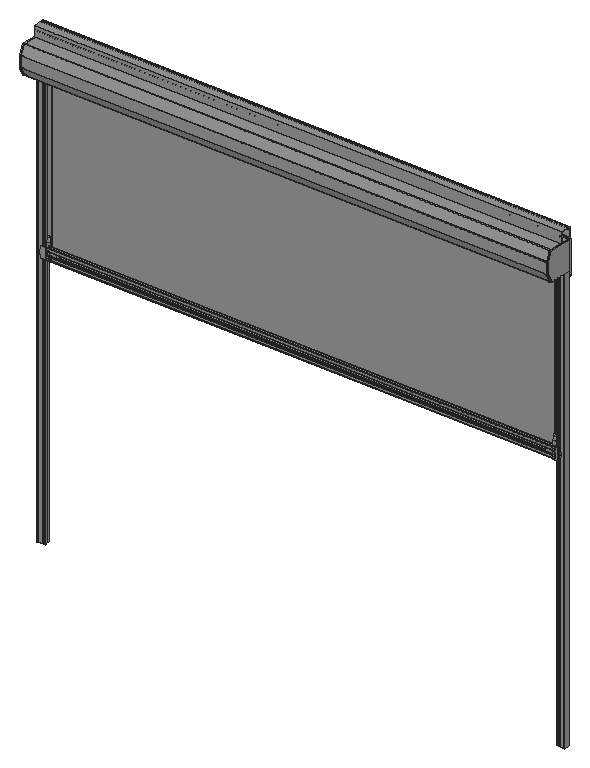
Revit family "MESH BLIND)UPDATED)))", category Generic Models, Revit 2018
Family settings
  Can host rebar = No
  Round Connector Dimension = Use Diameter
  Part Type = Normal
  Work Plane-Based = No
  Always vertical = Yes
  Cut with Voids When Loaded = No
  Shared = No
  Room Calculation Point = No
Parameters
  ZIP TRACK CHANNEL PARTS [instance] = ZIP TRACK CHANNEL
  ZIP TRACK BOTTOMN RUBBER [instance] = BLACK RUBBER
  WIDTH INPUT [instance] = if(WIDTH < 250 mm, 250 mm, if(WIDTH > 7000 mm, 7000 mm, WIDTH))  # 2500 mm
  WIDTH [instance] = 2500 mm
  Visable Conduit [instance] = yes
  OVERALL HEIGHT [instance] = 2200 mm
  MESH SIDES [instance] = MESH SIDES
  FRAMING [instance] = steel material
  MESH [instance] = mesh
  HEIGHT INPUT [instance] = if(OVERALL HEIGHT < 245 mm, 245 mm, if(OVERALL HEIGHT > 3000 mm, 3000 mm, OVERALL HEIGHT))  # 2200 mm
  HEIGHT NOT INCLUDING CONDUIT [instance] = OVERALL HEIGHT - CONDUIT SIZE  # 2150 mm
  MESH BLIND OFFSET INPUT [instance] = if(OVERALL HEIGHT - 185 mm < 60.3 mm, 60.3 mm, if(MESH BLIND OFFSET > HEIGHT INPUT - 185 mm, HEIGHT INPUT - 185 mm, MESH BLIND OFFSET + 51.9 mm))  # 801.9 mm
  MESH BLIND OFFSET [instance] = 750 mm
  CONDUIT SIZE [instance] = 50 mm  # constant formula
Reference planes
  plane 1 "Center (Front/Back)": y = 0
  plane 2: z = 0
  plane 3 "Center (Left/Right)": x = 0
  plane 4: x = 1250
  plane 5: z = 1213.43
  plane 6: x = -1250
  plane 7: z = 1265.336
  plane 8: z = 2200
  plane 9: z = 2149.8
  plane 10: x = 1205.831
  plane 11: x = -1205.831
  plane 12: z = 2015.33
  plane 13: z = 1239.383
  plane 14: z = 2117.081
  plane 15: x = -1247
  plane 16: x = 1247
Forms (mm)
  Extrusion 1, solid, material "steel material" <- "FRAMING"
    sketch origin (-1000, 20, -200) x (0, 1, 0) y (0, 0, 1)
      loop
        line (-113.57, 2308.098) -> (-93.517, 2347.454)
        arc (-93.517, 2347.454) -> (-93.148, 2347.853) -> (-92.626, 2348) r 1
        line (-92.626, 2348) -> (18.2, 2348) -> (18.2, 2199.689) -> (20.428, 2190.753)
        arc (20.428, 2190.753) -> (21.519, 2190.097) -> (22.175, 2191.188) r 0.9
        line (22.175, 2191.188) -> (20, 2199.911) -> (20, 2349.8) -> (-91.549, 2349.8)
        arc (-91.549, 2349.8) -> (-93.7, 2349.801) -> (-95.299, 2348.362) r 3
        line (-95.299, 2348.362) -> (-115.243, 2309.219)
        arc (-115.243, 2309.219) -> (-115.487, 2308.558) -> (-115.57, 2307.857) r 3
        line (-115.57, 2307.857) -> (-115.57, 2256.856)
        arc (-115.57, 2256.856) -> (-115.487, 2256.156) -> (-115.243, 2255.494) r 3
        line (-115.243, 2255.494) -> (-95.613, 2216.968)
        arc (-95.613, 2216.968) -> (-94.507, 2215.772) -> (-92.94, 2215.33) r 3
        line (-92.94, 2215.33) -> (-36.4, 2215.33) -> (-36.4, 2217.33) -> (-92.94, 2217.33)
        arc (-92.94, 2217.33) -> (-93.462, 2217.477) -> (-93.831, 2217.876) r 1
        line (-93.831, 2217.876) -> (-113.57, 2256.616) -> (-113.57, 2308.098)
    from -247 to 2250
  Extrusion 2, solid, material "steel material" <- "FRAMING"
    sketch origin (926, 26.875, -200) x (0, -1, 0) y (0, 0, 1)
      loop
        line (-9.376, 1427.405) -> (-9.376, 1425.12)
        arc (-9.376, 1425.12) -> (-9.45, 1424.086) -> (-10.01, 1423.213) r 2.102
        arc (-10.01, 1423.213) -> (-10.879, 1421.918) -> (-11.437, 1420.462) r 6.952
        line (-11.437, 1420.462) -> (-11.437, 1415.068)
        arc (-11.437, 1415.068) -> (-10.997, 1414.01) -> (-10.009, 1413.43) r 1.805
        line (-10.009, 1413.43) -> (5.326, 1413.43)
        arc (5.326, 1413.43) -> (6.121, 1414.24) -> (5.707, 1415.297) r 1.044
        arc (5.707, 1415.297) -> (6.384, 1420.401) -> (7.812, 1415.455) r 2.63
        arc (7.812, 1415.455) -> (7.261, 1414.357) -> (8.067, 1413.43) r 1.103
        line (8.067, 1413.43) -> (22.992, 1413.43)
        arc (22.992, 1413.43) -> (24.244, 1414.325) -> (24.604, 1415.821) r 2.201
        arc (24.604, 1415.821) -> (24.11, 1422.032) -> (22.498, 1428.05) r 34.206
        arc (22.498, 1428.05) -> (22.26, 1429.88) -> (20.461, 1430.286) r 1.611
        arc (20.461, 1430.286) -> (17.461, 1429.848) -> (14.439, 1429.601) r 47.974
        line (14.439, 1429.601) -> (13.36, 1429.601) -> (6.214, 1429.601)
        spline (6.214, 1429.601) -> (5.496, 1429.679) -> (4.789, 1429.912) -> (4.105, 1430.296) -> (3.456, 1430.824) -> (2.85, 1431.489) -> (2.299, 1432.279) -> (1.81, 1433.182) -> (1.392, 1434.183) -> (1.052, 1435.267) -> (0.794, 1436.416) -> (0.624, 1437.611) -> (0.543, 1438.833)
        arc (0.543, 1438.833) -> (0.377, 1439.366) -> (0.547, 1439.898) r 0.929
        spline (0.547, 1439.898) -> (0.635, 1441.111) -> (0.812, 1442.295) -> (1.074, 1443.431) -> (1.417, 1444.503) -> (1.837, 1445.492) -> (2.325, 1446.384) -> (2.876, 1447.164) -> (3.479, 1447.819) -> (4.126, 1448.34) -> (4.805, 1448.718) -> (5.507, 1448.948) -> (6.22, 1449.024)
        line (6.22, 1449.024) -> (11.648, 1449.024) -> (13.36, 1449.024)
        arc (13.36, 1449.024) -> (17.109, 1448.796) -> (20.826, 1448.256) r 44.965
        arc (20.826, 1448.256) -> (22.421, 1448.948) -> (22.688, 1450.666) r 1.802
        arc (22.688, 1450.666) -> (24.098, 1456.691) -> (24.548, 1462.863) r 39.393
        arc (24.548, 1462.863) -> (24.057, 1464.446) -> (22.659, 1465.336) r 2.407
        line (22.659, 1465.336) -> (8.067, 1465.336)
        arc (8.067, 1465.336) -> (7.268, 1464.191) -> (7.812, 1462.905) r 1.443
        arc (7.812, 1462.905) -> (6.384, 1457.959) -> (5.707, 1463.063) r 2.63
        arc (5.707, 1463.063) -> (6.103, 1464.298) -> (5.326, 1465.336) r 1.414
        line (5.326, 1465.336) -> (-9.591, 1465.336)
        arc (-9.591, 1465.336) -> (-10.846, 1464.7) -> (-11.437, 1463.422) r 2.145
        line (-11.437, 1463.422) -> (-11.437, 1457.888)
        arc (-11.437, 1457.888) -> (-10.918, 1456.709) -> (-10.167, 1455.662) r 6.196
        arc (-10.167, 1455.662) -> (-9.578, 1454.758) -> (-9.376, 1453.697) r 2.792
        line (-9.376, 1453.697) -> (-9.376, 1451.259) -> (-9.085, 1450.459) -> (-9.376, 1449.024) -> (-9.376, 1429.601) -> (-9.102, 1428.286) -> (-9.376, 1427.405)
    from -279.831 to 2131.831
  Extrusion 3, solid, material "steel material" <- "FRAMING"
    sketch origin (994, 0, 0) x (1, 0, 0) y (0, 1, 0)
      loop
        line (-2214, 32.5) -> (-2244, 32.5) -> (-2244, 7.5) -> (-2214, 7.5) -> (-2214, 9.25) -> (-2206.5, 9.25) -> (-2208.5, 19) -> (-2209.521, 19) -> (-2207.726, 10.25) -> (-2218.5, 10.25) -> (-2218.5, 29.75) -> (-2207.726, 29.75) -> (-2209.521, 21) -> (-2208.5, 21) -> (-2206.5, 30.75) -> (-2214, 30.75) -> (-2214, 32.5)
      loop
        line (-2236.5, 12) -> (-2236.5, 28) -> (-2238, 28) -> (-2238, 31) -> (-2242.5, 31) -> (-2242.5, 9) -> (-2238, 9) -> (-2238, 12) -> (-2236.5, 12)
      loop
        line (-2219.5, 29.75) -> (-2235.5, 29.75) -> (-2235.5, 10.25) -> (-2219.5, 10.25) -> (-2219.5, 29.75)
    from 0 to 2015.33
  Extrusion 4, solid, material "mesh" <- "MESH"
    sketch origin (0, -19.625, 14) x (1, 0, 0) y (0, 0, 1)
      loop
        line (-1190.068, 2103.081) -> (-1190.068, 1251.336) -> (1190.068, 1251.336) -> (1190.068, 2103.081) -> (-1190.068, 2103.081)
    from -40.305 to -39.405
  Extrusion 5, solid, material "MESH SIDES" <- "MESH SIDES"
    sketch origin (-3020, -19.625, 14) x (1, 0, 0) y (0, 0, 1)
      loop
        line (1800, 2103.081) -> (1800, 1251.336) -> (1829.932, 1251.336) -> (1829.932, 2103.081) -> (1800, 2103.081)
    from -40.305 to -39.405
  Extrusion 6, solid, material "steel material" <- "FRAMING", visible <- "Visable Conduit"
    sketch origin (0, 0, 0) x (0, 1, 0) y (0, 0, 1)
      loop
        arc (33.617, 2194.448) -> (34.118, 2194.303) -> (34.64, 2194.3) r 1.901
        arc (34.64, 2194.3) -> (35.135, 2194.729) -> (34.781, 2195.28) r 0.5
        arc (34.781, 2195.28) -> (34.462, 2195.501) -> (34.34, 2195.869) r 0.614
        line (34.34, 2195.869) -> (34.34, 2198.4) -> (35.594, 2198.4) -> (35.856, 2197.376)
        arc (35.856, 2197.376) -> (36.402, 2197.004) -> (36.84, 2197.5) r 0.5
        line (36.84, 2197.5) -> (36.84, 2200) -> (-13.16, 2200) -> (-13.16, 2150) -> (33.012, 2150) -> (34.44, 2151) -> (34.44, 2152.2)
        arc (34.44, 2152.2) -> (34.964, 2152.153) -> (35.24, 2152.6) r 0.5
        line (35.24, 2152.6) -> (35.24, 2154.988) -> (33.476, 2156.223)
        arc (33.476, 2156.223) -> (33.082, 2156.302) -> (32.759, 2156.064) r 0.498
        line (32.759, 2156.064) -> (32.345, 2155.348) -> (32.345, 2154.519)
        arc (32.345, 2154.519) -> (31.32, 2151.975) -> (30.295, 2154.519) r 1.479
        line (30.295, 2154.519) -> (30.295, 2155.3)
        arc (30.295, 2155.3) -> (29.939, 2155.848) -> (29.293, 2155.745) r 0.6
        arc (29.293, 2155.745) -> (28.305, 2153.738) -> (28.967, 2151.6) r 3.025
        line (28.967, 2151.6) -> (-10.56, 2151.6)
        arc (-10.56, 2151.6) -> (-11.267, 2151.893) -> (-11.56, 2152.6) r 1
        line (-11.56, 2152.6) -> (-11.56, 2176.646)
        arc (-11.56, 2176.646) -> (-9.665, 2175.975) -> (-7.768, 2176.64) r 3.025
        arc (-7.768, 2176.64) -> (-7.652, 2177.694) -> (-8.706, 2177.81) r 0.75
        arc (-8.706, 2177.81) -> (-11.185, 2179) -> (-8.706, 2180.19) r 1.525
        arc (-8.706, 2180.19) -> (-7.652, 2180.306) -> (-7.768, 2181.36) r 0.75
        arc (-7.768, 2181.36) -> (-9.665, 2182.025) -> (-11.56, 2181.354) r 3.025
        line (-11.56, 2181.354) -> (-11.56, 2197.4)
        arc (-11.56, 2197.4) -> (-11.267, 2198.107) -> (-10.56, 2198.4) r 1
        line (-10.56, 2198.4) -> (33.14, 2198.4) -> (33.14, 2195.3)
        arc (33.14, 2195.3) -> (33.267, 2194.812) -> (33.617, 2194.448) r 1
    from -1247 to 1250
  Extrusion 7, solid, material "steel material" <- "FRAMING", visible <- "Visable Conduit"
    sketch origin (0, 0, 0) x (0, 1, 0) y (0, 0, 1)
      loop
        spline (36.75, 2196.514) -> (36.736, 2196.652) -> (36.675, 2196.728) -> (36.575, 2196.755) -> (36.445, 2196.746) -> (36.294, 2196.716) -> (36.129, 2196.676) -> (35.961, 2196.641) -> (35.796, 2196.625) -> (35.644, 2196.64) -> (35.514, 2196.699) -> (35.413, 2196.817) -> (35.35, 2197.007)
        line (35.35, 2197.007) -> (35.35, 2197.8)
        arc (35.35, 2197.8) -> (34.85, 2198.3) -> (34.35, 2197.8) r 0.5
        line (34.35, 2197.8) -> (34.35, 2195.9)
        spline (34.35, 2195.9) -> (34.38, 2195.74) -> (34.438, 2195.634) -> (34.519, 2195.571) -> (34.617, 2195.54) -> (34.727, 2195.529) -> (34.843, 2195.528) -> (34.959, 2195.526) -> (35.07, 2195.51) -> (35.171, 2195.471) -> (35.254, 2195.397) -> (35.316, 2195.277) -> (35.35, 2195.1)
        line (35.35, 2195.1) -> (35.35, 2193.8) -> (35.15, 2192.934) -> (35.15, 2157.212) -> (34.05, 2157.512) -> (30.125, 2157.512)
        arc (30.125, 2157.512) -> (29.826, 2157.294) -> (29.945, 2156.943) r 0.313
        line (29.945, 2156.943) -> (31.958, 2155.527) -> (32.544, 2156.364) -> (35.411, 2156.364) -> (35.411, 2151.743) -> (34.618, 2151.743) -> (34.551, 2150) -> (36.75, 2150) -> (36.75, 2196.514)
    from -1250 to 1250
  Extrusion 8, solid, material "steel material" <- "FRAMING"
    sketch origin (-994, 0, 0) x (-1, 0, 0) y (0, -1, 0)
      loop
        line (-2214, -32.5) -> (-2214, -30.75) -> (-2206.5, -30.75) -> (-2208.5, -21) -> (-2209.521, -21) -> (-2207.726, -29.75) -> (-2218.5, -29.75) -> (-2218.5, -10.25) -> (-2207.726, -10.25) -> (-2209.521, -19) -> (-2208.5, -19) -> (-2206.5, -9.25) -> (-2214, -9.25) -> (-2214, -7.5) -> (-2244, -7.5) -> (-2244, -32.5) -> (-2214, -32.5)
      loop
        line (-2236.5, -12) -> (-2238, -12) -> (-2238, -9) -> (-2242.5, -9) -> (-2242.5, -31) -> (-2238, -31) -> (-2238, -28) -> (-2236.5, -28) -> (-2236.5, -12)
      loop
        line (-2219.5, -29.75) -> (-2219.5, -10.25) -> (-2235.5, -10.25) -> (-2235.5, -29.75) -> (-2219.5, -29.75)
    from 0 to 2015.33
  Extrusion 9, solid, material "MESH SIDES" <- "MESH SIDES"
    sketch origin (3020, -19.625, 14) x (-1, 0, 0) y (0, 0, -1)
      loop
        line (1800, -2103.081) -> (1829.932, -2103.081) -> (1829.932, -1251.336) -> (1800, -1251.336) -> (1800, -2103.081)
    from -40.305 to -39.405
  Extrusion 10, solid, material "BLACK RUBBER" <- "ZIP TRACK BOTTOMN RUBBER"
    sketch origin (0, 22.833, 1213.43) x (0, -1, 0) y (0, 0, -1)
      loop
        spline (3.61, 0.008) -> (4.726, 0.996) -> (5.446, 2.748) -> (5.607, 4.867) -> (5.172, 6.871) -> (4.24, 8.307) -> (3.023, 8.849) -> (1.795, 8.373) -> (0.837, 6.988) -> (0.365, 5.008) -> (0.486, 2.882) -> (1.173, 1.092) -> (2.27, 0.044)
        arc (2.27, 0.044) -> (2.795, -1.104) -> (2.216, -2.227) r 1.444
        arc (2.216, -2.227) -> (2.7, -6.655) -> (3.701, -2.315) r 2.259
        arc (3.701, -2.315) -> (3.106, -1.175) -> (3.61, 0.008) r 1.503
      loop
        arc (2.124, -2.045) -> (2.694, -6.855) -> (3.803, -2.14) r 2.459
        arc (3.803, -2.14) -> (3.306, -1.171) -> (3.72, -0.163) r 1.303
        spline (3.72, -0.163) -> (4.912, 0.916) -> (5.649, 2.739) -> (5.805, 4.91) -> (5.351, 6.964) -> (4.368, 8.462) -> (3.023, 9.049) -> (1.666, 8.526) -> (0.656, 7.073) -> (0.167, 5.041) -> (0.285, 2.864) -> (0.991, 1.008) -> (2.16, -0.125)
        arc (2.16, -0.125) -> (2.595, -1.094) -> (2.124, -2.045) r 1.244
    from -1205.831 to 1205.831
  Extrusion 11, solid, material "steel material" <- "FRAMING"
    sketch origin (-1094, 20, -200) x (0, -1, 0) y (0, 0, 1)
      loop
        line (91.549, 2349.8) -> (-20, 2349.8) -> (-20, 2215.33) -> (92.94, 2215.33)
        arc (92.94, 2215.33) -> (94.507, 2215.772) -> (95.613, 2216.968) r 3
        line (95.613, 2216.968) -> (115.243, 2255.494)
        arc (115.243, 2255.494) -> (115.487, 2256.156) -> (115.57, 2256.856) r 3
        line (115.57, 2256.856) -> (115.57, 2307.857)
        arc (115.57, 2307.857) -> (115.487, 2308.558) -> (115.243, 2309.219) r 3
        line (115.243, 2309.219) -> (95.299, 2348.362)
        arc (95.299, 2348.362) -> (93.7, 2349.801) -> (91.549, 2349.8) r 3
    from 156 to 153
  Extrusion 12, solid, material "steel material" <- "FRAMING"
    sketch origin (1094, 20, -200) x (0, -1, 0) y (0, 0, -1)
      loop
        arc (91.549, -2349.8) -> (93.7, -2349.801) -> (95.299, -2348.362) r 3
        line (95.299, -2348.362) -> (115.243, -2309.219)
        arc (115.243, -2309.219) -> (115.487, -2308.558) -> (115.57, -2307.857) r 3
        line (115.57, -2307.857) -> (115.57, -2256.856)
        arc (115.57, -2256.856) -> (115.487, -2256.156) -> (115.243, -2255.494) r 3
        line (115.243, -2255.494) -> (95.613, -2216.968)
        arc (95.613, -2216.968) -> (94.507, -2215.772) -> (92.94, -2215.33) r 3
        line (92.94, -2215.33) -> (-20, -2215.33) -> (-20, -2349.8) -> (91.549, -2349.8)
    from 156 to 153
Lines and regions (mm)
  reference lines
    curve 1: line (0, 22.833, 1213.43) -> (0, 17.206, 1213.43)
Dimensions and locks
  locked: plane 7 to plane 5 at 51.906
  locked: plane 8 to plane 9 at 50.2
  "HEIGHT INPUT": plane 8 to level
  locked: plane 6 to plane 11 at 44.169
  locked: plane 10 to plane 4 at 44.169
  equal spacing: plane 10, plane 3 "Center (Left/Right)", plane 11
  plane 11 to plane 6 = 44.169 mm
  plane 10 to plane 4 = 44.169 mm
  locked: plane 9 to plane 12 at 134.47
  equal spacing: plane 7, plane 13, plane 5
  locked: plane 9 to plane 14 at 32.719
  Extrusion 1 to plane 2 = 2015.33 mm
  plane 8 to plane 9 = 50.2 mm
  plane 8 to plane 12 = 184.67 mm
  "MESH BLIND OFFSET INPUT": plane 12 to plane 5
  locked: plane 15 to plane 6 at 3
  locked: plane 16 to plane 4 at 3
  "WIDTH INPUT": plane 4 to plane 6
  aligned and locked: level to plane 2
  aligned and locked: Extrusion 1 to plane 4
  aligned and locked: Extrusion 6 to plane 4
  aligned and locked: Extrusion 7 to plane 4
  aligned and locked: Extrusion 5 to plane 7  (x2)
  aligned and locked: Extrusion 4 to plane 7
  aligned and locked: Extrusion 9 to plane 7  (x2)
  aligned and locked: plane 10 to nested 3  (x2)
  aligned and locked: plane 11 to nested 1
  aligned and locked: Extrusion 2 to plane 11
  aligned and locked: nested 2 to plane 11
  aligned and locked: Extrusion 2 to plane 10
  aligned and locked: plane 14 to Extrusion 4
  aligned and locked: plane 14 to Extrusion 5
  aligned and locked: plane 14 to Extrusion 9
  aligned and locked: plane 12 to Extrusion 3
  aligned and locked: plane 12 to Extrusion 8
  aligned and locked: nested 1 to plane 13
  aligned and locked: plane 13 to nested 3
  aligned and locked: nested 2 to plane 7
  aligned and locked: plane 7 to nested 4
  aligned and locked: plane 10 to nested 4
  aligned and locked: Extrusion 2 to Extrusion 10
  aligned and locked: Extrusion 10 to Extrusion 2
  aligned and locked: curve 1 to plane 5
  aligned and locked: plane 15 to Extrusion 11
  aligned and locked: Extrusion 1 to plane 15
  aligned and locked: Extrusion 12 to plane 16
  aligned and locked: Extrusion 6 to plane 15
  aligned and locked: Extrusion 7 to plane 6
  aligned and locked: Extrusion 11 to plane 6
  aligned and locked: Extrusion 12 to plane 4
  aligned and locked: Extrusion 4 to Extrusion 9
Automatic sketch dimensions
  Extrusion 1 sketch curve to Extrusion 1 sketch curve = 0 mm  (x4)
  Extrusion 1 sketch curve to plane 12 = 0 mm
  Extrusion 1 sketch curve to plane 9 = 0 mm
  Extrusion 1 sketch curve to plane 14 = 9.223 mm
  plane 1 "Center (Front/Back)" to Extrusion 1 sketch curve = 95.57 mm
  Extrusion 1 sketch curve to plane 14 = 7.861 mm
  Extrusion 1 sketch curve to Extrusion 1 sketch curve = 0.327 mm  (x2)
  plane 12 to Extrusion 1 sketch curve = 40.164 mm
  Extrusion 1 sketch curve to Extrusion 1 sketch curve = 1.673 mm
  Extrusion 1 sketch curve to Extrusion 1 sketch curve = 1 mm
  plane 12 to Extrusion 1 sketch curve = 1.638 mm
  Extrusion 1 sketch curve to Extrusion 1 sketch curve = 19.63 mm
  Extrusion 1 sketch curve to plane 9 = 1.438 mm
  Extrusion 1 sketch curve to Extrusion 1 sketch curve = 19.944 mm
  plane 12 to Extrusion 1 sketch curve = 2.546 mm
  Extrusion 1 sketch curve to Extrusion 1 sketch curve = 1.782 mm  (x2)
  Extrusion 1 sketch curve to plane 9 = 2.346 mm
  Extrusion 1 sketch curve to Extrusion 1 sketch curve = 0.891 mm  (x2)
  Extrusion 1 sketch curve to Extrusion 1 sketch curve = 1.077 mm
  plane 1 "Center (Front/Back)" to Extrusion 1 sketch curve = 16.4 mm
  Extrusion 1 sketch curve to plane 1 "Center (Front/Back)" = 38.2 mm
  Extrusion 1 sketch curve to plane 12 = 15.419 mm
  Extrusion 1 sketch curve to Extrusion 1 sketch curve = 1.8 mm
  Extrusion 1 sketch curve to Extrusion 1 sketch curve = 0.428 mm
  Extrusion 1 sketch curve to Extrusion 1 sketch curve = 0.873 mm  (x2)
  Extrusion 1 sketch curve to plane 12 = 24.142 mm
  Extrusion 1 sketch curve to Extrusion 1 sketch curve = 0.218 mm
  Extrusion 1 sketch curve to Extrusion 1 sketch curve = 0.221 mm
  Extrusion 1 sketch curve to Extrusion 1 sketch curve = 0.24 mm  (x2)
  Extrusion 2 sketch curve to plane 5 = 0 mm  (x2)
  Extrusion 2 sketch curve to plane 7 = 0 mm  (x2)
  Extrusion 2 sketch curve to plane 7 = 2.704 mm
  Extrusion 2 sketch curve to plane 1 "Center (Front/Back)" = 41.719 mm
  Extrusion 2 sketch curve to Extrusion 2 sketch curve = 2.676 mm
  plane 5 to Extrusion 2 sketch curve = 11.319 mm
  Extrusion 2 sketch curve to Extrusion 2 sketch curve = 0.723 mm
  Extrusion 2 sketch curve to Extrusion 2 sketch curve = 0.731 mm
  Extrusion 2 sketch curve to Extrusion 2 sketch curve = 0.008 mm
  Extrusion 2 sketch curve to Extrusion 2 sketch curve = 1.428 mm
  plane 5 to Extrusion 2 sketch curve = 1.766 mm
  Extrusion 2 sketch curve to Extrusion 2 sketch curve = 0.373 mm
  Extrusion 2 sketch curve to Extrusion 2 sketch curve = 0.037 mm
  Extrusion 2 sketch curve to Extrusion 2 sketch curve = 1.846 mm
  Extrusion 2 sketch curve to Extrusion 2 sketch curve = 2.792 mm
  Extrusion 2 sketch curve to Extrusion 2 sketch curve = 0 mm
  Extrusion 2 sketch curve to Extrusion 2 sketch curve = 2.069 mm
  Extrusion 2 sketch curve to plane 7 = 2.126 mm
  Extrusion 2 sketch curve to Extrusion 2 sketch curve = 0.288 mm  (x2)
  Extrusion 2 sketch curve to plane 13 = 11.097 mm
  Extrusion 2 sketch curve to Extrusion 2 sketch curve = 0.274 mm
  plane 13 to Extrusion 2 sketch curve = 11.076 mm
  Extrusion 2 sketch curve to Extrusion 2 sketch curve = 0.291 mm
  Extrusion 2 sketch curve to Extrusion 2 sketch curve = 3.765 mm
  Extrusion 2 sketch curve to Extrusion 2 sketch curve = 4.892 mm
  Extrusion 2 sketch curve to plane 13 = 0.02 mm
  Extrusion 2 sketch curve to Extrusion 2 sketch curve = 10.682 mm
  Extrusion 2 sketch curve to plane 7 = 1.272 mm
  Extrusion 2 sketch curve to Extrusion 2 sketch curve = 10.245 mm
  plane 5 to Extrusion 2 sketch curve = 1.019 mm
  Extrusion 2 sketch curve to Extrusion 2 sketch curve = 9.806 mm
  Extrusion 2 sketch curve to Extrusion 2 sketch curve = 0.618 mm
  Extrusion 2 sketch curve to Extrusion 2 sketch curve = 0.227 mm
  Extrusion 2 sketch curve to Extrusion 2 sketch curve = 4.908 mm
  Extrusion 2 sketch curve to Extrusion 2 sketch curve = 4.914 mm
  Extrusion 2 sketch curve to Extrusion 2 sketch curve = 1.872 mm
  Extrusion 2 sketch curve to Extrusion 2 sketch curve = 1.482 mm
  Extrusion 2 sketch curve to Extrusion 2 sketch curve = 2.741 mm  (x2)
  Extrusion 2 sketch curve to Extrusion 2 sketch curve = 0.637 mm
  Extrusion 2 sketch curve to Extrusion 2 sketch curve = 5.427 mm
  Extrusion 2 sketch curve to Extrusion 2 sketch curve = 3.968 mm
  Extrusion 2 sketch curve to Extrusion 2 sketch curve = 4.437 mm
  Extrusion 2 sketch curve to Extrusion 2 sketch curve = 7.146 mm
  Extrusion 2 sketch curve to Extrusion 2 sketch curve = 1.712 mm
  Extrusion 2 sketch curve to Extrusion 2 sketch curve = 1.079 mm
  Extrusion 2 sketch curve to plane 1 "Center (Front/Back)" = 5.881 mm
  Extrusion 2 sketch curve to plane 1 "Center (Front/Back)" = 5.806 mm
  Extrusion 2 sketch curve to plane 7 = 2.352 mm
  Extrusion 2 sketch curve to plane 1 "Center (Front/Back)" = 4.731 mm
  plane 5 to Extrusion 2 sketch curve = 2.125 mm
  Extrusion 2 sketch curve to plane 1 "Center (Front/Back)" = 4.456 mm
  Extrusion 2 sketch curve to Extrusion 2 sketch curve = 0.515 mm
  Extrusion 2 sketch curve to Extrusion 2 sketch curve = 0.573 mm
  Extrusion 2 sketch curve to plane 5 = 9.363 mm
  plane 5 to Extrusion 2 sketch curve = 1.064 mm
  Extrusion 2 sketch curve to Extrusion 2 sketch curve = 1.032 mm
  Extrusion 2 sketch curve to Extrusion 2 sketch curve = 3.329 mm
  plane 5 to Extrusion 2 sketch curve = 5.287 mm
  Extrusion 2 sketch curve to Extrusion 2 sketch curve = 4.287 mm
  Extrusion 2 sketch curve to Extrusion 2 sketch curve = 0.371 mm
  Extrusion 2 sketch curve to plane 13 = 10.588 mm
  Extrusion 2 sketch curve to Extrusion 2 sketch curve = 0.806 mm
  Extrusion 2 sketch curve to Extrusion 2 sketch curve = 1.315 mm
  plane 13 to Extrusion 2 sketch curve = 9.641 mm
  Extrusion 2 sketch curve to Extrusion 2 sketch curve = 1.435 mm
  Extrusion 2 sketch curve to Extrusion 2 sketch curve = 1.025 mm
  Extrusion 2 sketch curve to Extrusion 2 sketch curve = 0.8 mm
  Extrusion 2 sketch curve to Extrusion 2 sketch curve = 2.437 mm
  Extrusion 2 sketch curve to Extrusion 2 sketch curve = 0.018 mm
  Extrusion 2 sketch curve to Extrusion 2 sketch curve = 4.173 mm
  Extrusion 2 sketch curve to Extrusion 2 sketch curve = 3.431 mm
  Extrusion 2 sketch curve to Extrusion 2 sketch curve = 3.482 mm
  Extrusion 2 sketch curve to plane 7 = 1.295 mm
  plane 7 to Extrusion 2 sketch curve = 12.179 mm
  Extrusion 2 sketch curve to Extrusion 2 sketch curve = 0.763 mm
  plane 13 to Extrusion 2 sketch curve = 0.515 mm
  Extrusion 2 sketch curve to Extrusion 2 sketch curve = 0.759 mm
  Extrusion 2 sketch curve to Extrusion 2 sketch curve = 0.609 mm
  Extrusion 2 sketch curve to Extrusion 2 sketch curve = 0.999 mm
  Extrusion 2 sketch curve to Extrusion 2 sketch curve = 0.001 mm  (x2)
  Extrusion 2 sketch curve to plane 13 = 0.07 mm
  Extrusion 2 sketch curve to Extrusion 2 sketch curve = 0.608 mm
  Extrusion 2 sketch curve to Extrusion 2 sketch curve = 0.168 mm
  Extrusion 2 sketch curve to Extrusion 2 sketch curve = 1.429 mm
  Extrusion 2 sketch curve to Extrusion 2 sketch curve = 1.693 mm
  Extrusion 2 sketch curve to Extrusion 2 sketch curve = 0.881 mm
  Extrusion 3 sketch curve to plane 6 = 0 mm
  plane 6 to Extrusion 3 sketch curve = 1.5 mm
  plane 15 to Extrusion 3 sketch curve = 3 mm  (x2)
  Extrusion 3 sketch curve to Extrusion 3 sketch curve = 1.5 mm  (x3)
  Extrusion 3 sketch curve to Extrusion 3 sketch curve = 1 mm  (x4)
  Extrusion 3 sketch curve to Extrusion 3 sketch curve = 16 mm  (x2)
  Extrusion 3 sketch curve to Extrusion 3 sketch curve = 4.5 mm  (x2)
  Extrusion 3 sketch curve to plane 11 = 9.69 mm
  Extrusion 3 sketch curve to Extrusion 3 sketch curve = 0 mm  (x3)
  Extrusion 3 sketch curve to Extrusion 3 sketch curve = 1.021 mm  (x2)
  Extrusion 3 sketch curve to Extrusion 3 sketch curve = 6.274 mm  (x2)
  Extrusion 3 sketch curve to Extrusion 3 sketch curve = 1.226 mm  (x2)
  Extrusion 3 sketch curve to plane 1 "Center (Front/Back)" = 7.5 mm
  Extrusion 3 sketch curve to Extrusion 3 sketch curve = 1.75 mm  (x2)
  Extrusion 3 sketch curve to Extrusion 3 sketch curve = 8.75 mm  (x2)
  Extrusion 3 sketch curve to Extrusion 3 sketch curve = 2 mm
  Extrusion 3 sketch curve to Extrusion 3 sketch curve = 3 mm
  Extrusion 4 sketch curve to plane 7 = 0 mm
  Extrusion 4 sketch curve to plane 14 = 0 mm
  plane 4 to Extrusion 4 sketch curve = 59.932 mm
  plane 11 to Extrusion 4 sketch curve = 15.763 mm
  Extrusion 5 sketch curve to plane 7 = 0 mm
  Extrusion 5 sketch curve to plane 14 = 0 mm
  Extrusion 5 sketch curve to plane 11 = 14.169 mm
  plane 11 to Extrusion 5 sketch curve = 15.763 mm
  Extrusion 6 sketch curve to Extrusion 6 sketch curve = 0 mm  (x10)
  Extrusion 6 sketch curve to plane 8 = 0 mm
  plane 1 "Center (Front/Back)" to Extrusion 6 sketch curve = 13.16 mm
  Extrusion 6 sketch curve to Extrusion 6 sketch curve = 1.6 mm  (x2)
  Extrusion 6 sketch curve to Extrusion 6 sketch curve = 1 mm  (x3)
  Extrusion 6 sketch curve to Extrusion 6 sketch curve = 1.9 mm
  Extrusion 6 sketch curve to Extrusion 6 sketch curve = 1.423 mm  (x2)
  plane 9 to Extrusion 6 sketch curve = 1.8 mm
  Extrusion 6 sketch curve to plane 1 "Center (Front/Back)" = 28.967 mm
  Extrusion 6 sketch curve to Extrusion 6 sketch curve = 0.729 mm
  Extrusion 6 sketch curve to Extrusion 6 sketch curve = 0.6 mm
  Extrusion 6 sketch curve to Extrusion 6 sketch curve = 1.025 mm  (x2)
  plane 9 to Extrusion 6 sketch curve = 6.264 mm
  Extrusion 6 sketch curve to Extrusion 6 sketch curve = 0.414 mm
  plane 9 to Extrusion 6 sketch curve = 0.2 mm
  Extrusion 6 sketch curve to Extrusion 6 sketch curve = 1.692 mm
  Extrusion 6 sketch curve to plane 8 = 1.6 mm
  Extrusion 6 sketch curve to plane 1 "Center (Front/Back)" = 33.14 mm
  Extrusion 6 sketch curve to Extrusion 6 sketch curve = 0.431 mm
  plane 9 to Extrusion 6 sketch curve = 6.423 mm
  Extrusion 6 sketch curve to Extrusion 6 sketch curve = 0.286 mm
  Extrusion 6 sketch curve to Extrusion 6 sketch curve = 1.2 mm  (x2)
  Extrusion 6 sketch curve to Extrusion 6 sketch curve = 0.05 mm
  Extrusion 6 sketch curve to Extrusion 6 sketch curve = 1.428 mm
  Extrusion 6 sketch curve to Extrusion 6 sketch curve = 0.5 mm  (x3)
  Extrusion 6 sketch curve to Extrusion 6 sketch curve = 0.3 mm
  Extrusion 6 sketch curve to Extrusion 6 sketch curve = 0.614 mm
  plane 9 to Extrusion 6 sketch curve = 5.188 mm
  Extrusion 6 sketch curve to Extrusion 6 sketch curve = 1.764 mm
  Extrusion 6 sketch curve to Extrusion 6 sketch curve = 1.254 mm
  Extrusion 6 sketch curve to plane 8 = 2.624 mm
  Extrusion 6 sketch curve to Extrusion 6 sketch curve = 0.262 mm
  Extrusion 6 sketch curve to Extrusion 6 sketch curve = 0.484 mm
  plane 9 to Extrusion 6 sketch curve = 1.2 mm
  Extrusion 6 sketch curve to Extrusion 6 sketch curve = 2.611 mm
  Extrusion 6 sketch curve to Extrusion 6 sketch curve = 0.047 mm
  Extrusion 6 sketch curve to Extrusion 6 sketch curve = 1.019 mm
  Extrusion 6 sketch curve to Extrusion 6 sketch curve = 0.781 mm
  Extrusion 6 sketch curve to Extrusion 6 sketch curve = 0.716 mm
  Extrusion 6 sketch curve to Extrusion 6 sketch curve = 20.754 mm
  Extrusion 6 sketch curve to Extrusion 6 sketch curve = 0.579 mm
  Extrusion 6 sketch curve to Extrusion 6 sketch curve = 1.775 mm  (x2)
  Extrusion 6 sketch curve to Extrusion 6 sketch curve = 2.354 mm
  Extrusion 6 sketch curve to Extrusion 6 sketch curve = 2.576 mm
  Extrusion 6 sketch curve to Extrusion 6 sketch curve = 0.569 mm
  Extrusion 6 sketch curve to Extrusion 6 sketch curve = 0.315 mm
  Extrusion 6 sketch curve to Extrusion 6 sketch curve = 0.469 mm
  Extrusion 6 sketch curve to Extrusion 6 sketch curve = 0.477 mm
  plane 9 to Extrusion 7 sketch curve = 7.143 mm
  Extrusion 7 sketch curve to plane 1 "Center (Front/Back)" = 29.945 mm
  Extrusion 7 sketch curve to Extrusion 7 sketch curve = 0.18 mm
  plane 9 to Extrusion 7 sketch curve = 5.727 mm
  Extrusion 7 sketch curve to Extrusion 7 sketch curve = 2.013 mm
  Extrusion 7 sketch curve to Extrusion 7 sketch curve = 0.587 mm
  plane 9 to Extrusion 7 sketch curve = 7.712 mm
  Extrusion 7 sketch curve to Extrusion 7 sketch curve = 1.506 mm
  Extrusion 7 sketch curve to plane 8 = 2.2 mm
  Extrusion 7 sketch curve to plane 1 "Center (Front/Back)" = 34.35 mm
  plane 9 to Extrusion 7 sketch curve = 0.2 mm
  Extrusion 7 sketch curve to Extrusion 7 sketch curve = 2.593 mm
  plane 9 to Extrusion 7 sketch curve = 1.943 mm
  Extrusion 7 sketch curve to Extrusion 7 sketch curve = 0.067 mm
  Extrusion 7 sketch curve to Extrusion 7 sketch curve = 0.5 mm
  Extrusion 7 sketch curve to plane 8 = 7.066 mm
  Extrusion 7 sketch curve to Extrusion 7 sketch curve = 0.8 mm  (x2)
  Extrusion 7 sketch curve to plane 8 = 4.9 mm
  Extrusion 7 sketch curve to Extrusion 7 sketch curve = 1 mm
  Extrusion 7 sketch curve to Extrusion 7 sketch curve = 0.261 mm
  Extrusion 7 sketch curve to Extrusion 7 sketch curve = 1.339 mm
  Extrusion 7 sketch curve to Extrusion 7 sketch curve = 0.838 mm
  Extrusion 7 sketch curve to Extrusion 7 sketch curve = 0.848 mm
  Extrusion 7 sketch curve to Extrusion 7 sketch curve = 0.866 mm
  Extrusion 7 sketch curve to Extrusion 7 sketch curve = 1.286 mm
  Extrusion 7 sketch curve to Extrusion 7 sketch curve = 0.793 mm
  Extrusion 8 sketch curve to plane 4 = 0 mm
  plane 4 to Extrusion 8 sketch curve = 1.5 mm
  plane 16 to Extrusion 8 sketch curve = 3 mm  (x2)
  Extrusion 8 sketch curve to Extrusion 8 sketch curve = 1.5 mm  (x2)
  Extrusion 8 sketch curve to Extrusion 8 sketch curve = 1 mm  (x4)
  Extrusion 8 sketch curve to Extrusion 8 sketch curve = 16 mm
  Extrusion 8 sketch curve to Extrusion 8 sketch curve = 4.5 mm  (x2)
  Extrusion 8 sketch curve to plane 10 = 9.69 mm
  Extrusion 8 sketch curve to Extrusion 8 sketch curve = 0 mm  (x3)
  Extrusion 8 sketch curve to Extrusion 8 sketch curve = 1.021 mm  (x2)
  Extrusion 8 sketch curve to Extrusion 8 sketch curve = 6.274 mm  (x2)
  Extrusion 8 sketch curve to Extrusion 8 sketch curve = 1.226 mm  (x2)
  Extrusion 8 sketch curve to plane 1 "Center (Front/Back)" = 32.5 mm
  Extrusion 8 sketch curve to Extrusion 8 sketch curve = 1.75 mm  (x3)
  Extrusion 8 sketch curve to Extrusion 8 sketch curve = 8.75 mm  (x2)
  Extrusion 8 sketch curve to Extrusion 8 sketch curve = 2 mm
  Extrusion 8 sketch curve to plane 1 "Center (Front/Back)" = 12 mm
  Extrusion 8 sketch curve to Extrusion 8 sketch curve = 1.25 mm
  Extrusion 9 sketch curve to plane 7 = 0 mm
  Extrusion 9 sketch curve to plane 14 = 0 mm
  Extrusion 9 sketch curve to plane 10 = 14.169 mm
  plane 10 to Extrusion 9 sketch curve = 15.763 mm
  Extrusion 10 sketch curve to Extrusion 10 sketch curve = 0 mm  (x6)
  curve 1 to Extrusion 10 sketch curve = 1.351 mm
  curve 1 to Extrusion 10 sketch curve = 0.125 mm
  Extrusion 10 sketch curve to Extrusion 10 sketch curve = 0.809 mm
  Extrusion 10 sketch curve to curve 1 = 2.794 mm
  curve 1 to Extrusion 10 sketch curve = 0.163 mm
  Extrusion 10 sketch curve to Extrusion 10 sketch curve = 1.56 mm
  Extrusion 10 sketch curve to curve 1 = 1.019 mm
  curve 1 to Extrusion 10 sketch curve = 1.071 mm
  curve 1 to Extrusion 10 sketch curve = 1.116 mm
  Extrusion 10 sketch curve to curve 1 = 4.4 mm
  Extrusion 10 sketch curve to Extrusion 10 sketch curve = 0.773 mm
  Extrusion 10 sketch curve to Extrusion 10 sketch curve = 0.092 mm
  Extrusion 10 sketch curve to curve 1 = 0.044 mm
  Extrusion 10 sketch curve to Extrusion 10 sketch curve = 0.109 mm
  Extrusion 10 sketch curve to curve 1 = 2.647 mm
  Extrusion 10 sketch curve to curve 1 = 0.008 mm
  Extrusion 10 sketch curve to Extrusion 10 sketch curve = 0.11 mm
  curve 1 to Extrusion 10 sketch curve = 0.121 mm
  curve 1 to plane 1 "Center (Front/Back)" = 17.206 mm
  curve 1 to curve 1 = 5.628 mm
  Extrusion 11 sketch curve to plane 9 = 0 mm
  Extrusion 11 sketch curve to plane 12 = 0 mm
  Extrusion 11 sketch curve to plane 1 "Center (Front/Back)" = 40 mm
  plane 1 "Center (Front/Back)" to Extrusion 11 sketch curve = 71.549 mm
  Extrusion 11 sketch curve to Extrusion 11 sketch curve = 1.077 mm
  plane 12 to Extrusion 11 sketch curve = 3 mm
  plane 1 "Center (Front/Back)" to Extrusion 11 sketch curve = 72.94 mm
  Extrusion 11 sketch curve to plane 9 = 1.438 mm
  Extrusion 11 sketch curve to Extrusion 11 sketch curve = 2.673 mm  (x3)
  plane 12 to Extrusion 11 sketch curve = 1.638 mm
  Extrusion 11 sketch curve to plane 14 = 9.223 mm
  Extrusion 11 sketch curve to Extrusion 11 sketch curve = 19.944 mm
  Extrusion 11 sketch curve to Extrusion 11 sketch curve = 19.63 mm
  plane 12 to Extrusion 11 sketch curve = 40.164 mm
  Extrusion 11 sketch curve to plane 14 = 7.861 mm
  Extrusion 12 sketch curve to plane 9 = 0 mm
  Extrusion 12 sketch curve to plane 12 = 0 mm
  Extrusion 12 sketch curve to plane 1 "Center (Front/Back)" = 40 mm
  plane 1 "Center (Front/Back)" to Extrusion 12 sketch curve = 71.549 mm
  Extrusion 12 sketch curve to Extrusion 12 sketch curve = 1.077 mm
  plane 12 to Extrusion 12 sketch curve = 3 mm
  plane 1 "Center (Front/Back)" to Extrusion 12 sketch curve = 72.94 mm
  Extrusion 12 sketch curve to plane 9 = 1.438 mm
  Extrusion 12 sketch curve to Extrusion 12 sketch curve = 2.673 mm  (x3)
  plane 12 to Extrusion 12 sketch curve = 1.638 mm
  Extrusion 12 sketch curve to plane 14 = 9.223 mm
  Extrusion 12 sketch curve to Extrusion 12 sketch curve = 19.944 mm
  Extrusion 12 sketch curve to Extrusion 12 sketch curve = 19.63 mm
  plane 12 to Extrusion 12 sketch curve = 40.164 mm
  Extrusion 12 sketch curve to plane 14 = 7.861 mm
Nested families
  nested 1: "ZIPTRACK CHANNEL" at (-1208.831, 20, 1213.482), type "ZIPTRACK CHANNEL"
  nested 2: "PEG" at (-1198.615, 20.23, 1265.336), type "PEG"
  nested 3: "ZIPTRACK CHANNEL" at (1208.831, 20, 1213.482) x (-1, 0, 0) z (0, 0, 1), type "ZIPTRACK CHANNEL"
  nested 4: "PEG" at (1198.615, 20.23, 1265.336) x (-1, 0, 0) z (0, 0, 1), type "PEG"
Definition of nested family "ZIPTRACK CHANNEL"
  Parameters (values of type "ZIPTRACK CHANNEL")
    ZIPTRACK CHANNEL = none
  Reference planes
    plane 1 "Center (Front/Back)": y = 0
    plane 2: z = 0
    plane 3 "Center (Left/Right)": x = 0
    plane 4: z = 25.902
  Forms (mm)
    Extrusion 1, solid, material <- "ZIPTRACK CHANNEL"
      sketch origin (1404.331, -20, -750) x (1, 0, 0) y (0, 1, 0)
        loop
          line (-1404.331, 33.501) -> (-1404.331, 6.5) -> (-1415.323, 6.5) -> (-1415.323, 4.5) -> (-1426.418, 4.5) -> (-1426.418, 1.5) -> (-1401.331, 1.5) -> (-1401.331, 38.312) -> (-1426.418, 38.312) -> (-1426.418, 35.501) -> (-1415.323, 35.501) -> (-1415.323, 33.501) -> (-1404.331, 33.501)
      from 750 to 801.906
    Extrusion 2, void
      sketch origin (0, 0, 0) x (1, 0, 0) y (0, 0, 1)
        loop
          line (-16.482, 51.906) -> (-26.151, 51.906) -> (-26.151, 0) -> (-16.482, 0)
          arc (-16.482, 0) -> (-18.971, 0.915) -> (-20.274, 3.225) r 3.843
          arc (-20.274, 3.225) -> (-22.114, 25.953) -> (-20.274, 48.682) r 141.282
          arc (-20.274, 48.682) -> (-18.971, 50.991) -> (-16.482, 51.906) r 3.843
      from -18.312 to 18.501
    Extrusion 3, solid, material <- "ZIPTRACK CHANNEL"
      sketch origin (0, 0, 0) x (0, 1, 0) y (0, 0, 1)
        loop
          spline (6.044, 25.902) -> (5.993, 27.167) -> (5.847, 28.411) -> (5.607, 29.612) -> (5.277, 30.749) -> (4.864, 31.804) -> (4.374, 32.757) -> (3.815, 33.592) -> (3.197, 34.296) -> (2.531, 34.857) -> (1.828, 35.264) -> (1.1, 35.512) -> (0.36, 35.594)
          line (0.36, 35.594) -> (-6.78, 35.594)
          arc (-6.78, 35.594) -> (-8.657, 35.519) -> (-10.529, 35.366) r 44.965
          arc (-10.529, 35.366) -> (-12.766, 25.873) -> (-10.529, 16.38) r 21.261
          arc (-10.529, 16.38) -> (-9.195, 16.257) -> (-7.859, 16.171) r 47.974
          line (-7.859, 16.171) -> (0.366, 16.171)
          spline (0.366, 16.171) -> (1.108, 16.254) -> (1.838, 16.503) -> (2.542, 16.913) -> (3.209, 17.476) -> (3.827, 18.183) -> (4.386, 19.023) -> (4.875, 19.98) -> (5.288, 21.038) -> (5.615, 22.18) -> (5.853, 23.385) -> (5.997, 24.632) -> (6.044, 25.902)
      from 3 to 49.512
    Extrusion 4, solid, material <- "ZIPTRACK CHANNEL"
      sketch origin (0, -4.055, 0) x (0, -1, 0) y (0, 0, -1)
        loop
          arc (11.419, -34.507) -> (12.929, -25.797) -> (11.626, -17.053) r 27.775
          line (11.626, -17.053) -> (6.796, -17.053)
          arc (6.796, -17.053) -> (8.711, -25.771) -> (6.879, -34.507) r 21.261
          line (6.879, -34.507) -> (11.419, -34.507)
      from 3 to 12.288
  Cuts and joins
    Extrusion 2 cuts Extrusion 1
  Lines and regions (mm)
    model lines
      curve 1: line (0, 15.956, 13.975) -> (0, 15.956, 11.69)
      curve 2: arc (0, 15.956, 11.69) -> (0, 16.03, 10.656) -> (0, 16.59, 9.783) r 2.102
      curve 3: arc (0, 16.59, 9.783) -> (0, 17.459, 8.488) -> (0, 18.017, 7.032) r 6.952
      curve 4: line (0, 18.017, 7.032) -> (0, 18.017, 1.638)
      curve 5: arc (0, 18.017, 1.638) -> (0, 17.577, 0.58) -> (0, 16.589, 0) r 1.805
      curve 6: line (0, 16.589, 0) -> (0, 1.254, 0)
      curve 7: arc (0, 1.254, 0) -> (0, 0.459, 0.81) -> (0, 0.873, 1.867) r 1.044
      curve 8: arc (0, 0.873, 1.867) -> (0, 0.196, 6.971) -> (0, -1.232, 2.025) r 2.63
      curve 9: arc (0, -1.232, 2.025) -> (0, -0.681, 0.927) -> (0, -1.487, 0) r 1.103
      curve 10: line (0, -1.487, 0) -> (0, -16.412, 0)
      curve 11: arc (0, -16.412, 0) -> (0, -17.664, 0.895) -> (0, -18.024, 2.391) r 2.201
      curve 12: arc (0, -18.024, 2.391) -> (0, -17.53, 8.602) -> (0, -15.918, 14.62) r 34.206
      curve 13: arc (0, -15.918, 14.62) -> (0, -15.68, 16.45) -> (0, -13.881, 16.856) r 1.611
      curve 14: arc (0, -13.881, 16.856) -> (0, -10.881, 16.418) -> (0, -7.859, 16.171) r 47.974
      curve 15: line (0, -7.859, 16.171) -> (0, -6.78, 16.171)
      curve 16: line (0, -6.78, 16.171) -> (0, 0.366, 16.171)
      curve 17: spline (0, 0.366, 16.171) -> (0, 1.084, 16.249) -> (0, 1.791, 16.482) -> (0, 2.475, 16.866) -> (0, 3.124, 17.394) -> (0, 3.73, 18.059) -> (0, 4.281, 18.849) -> (0, 4.77, 19.752) -> (0, 5.188, 20.753) -> (0, 5.528, 21.837) -> (0, 5.786, 22.986) -> (0, 5.956, 24.181) -> (0, 6.037, 25.403)
      curve 18: arc (0, 6.037, 25.403) -> (0, 6.203, 25.936) -> (0, 6.033, 26.468) r 0.929
      curve 19: spline (0, 6.033, 26.468) -> (0, 5.945, 27.681) -> (0, 5.768, 28.865) -> (0, 5.506, 30.001) -> (0, 5.163, 31.073) -> (0, 4.743, 32.062) -> (0, 4.255, 32.954) -> (0, 3.704, 33.734) -> (0, 3.101, 34.389) -> (0, 2.454, 34.91) -> (0, 1.775, 35.288) -> (0, 1.073, 35.518) -> (0, 0.36, 35.594)
      curve 20: line (0, 0.36, 35.594) -> (0, -5.068, 35.594)
      curve 21: line (0, -5.068, 35.594) -> (0, -6.78, 35.594)
      curve 22: arc (0, -6.78, 35.594) -> (0, -10.529, 35.366) -> (0, -14.246, 34.826) r 44.965
      curve 23: arc (0, -14.246, 34.826) -> (0, -15.841, 35.518) -> (0, -16.108, 37.236) r 1.802
      curve 24: arc (0, -16.108, 37.236) -> (0, -17.518, 43.261) -> (0, -17.968, 49.433) r 39.393
      curve 25: arc (0, -17.968, 49.433) -> (0, -17.477, 51.016) -> (0, -16.079, 51.906) r 2.407
      curve 26: line (0, -16.079, 51.906) -> (0, -1.487, 51.906)
      curve 27: arc (0, -1.487, 51.906) -> (0, -0.688, 50.761) -> (0, -1.232, 49.475) r 1.443
      curve 28: arc (0, -1.232, 49.475) -> (0, 0.196, 44.529) -> (0, 0.873, 49.633) r 2.63
      curve 29: arc (0, 0.873, 49.633) -> (0, 0.477, 50.868) -> (0, 1.254, 51.906) r 1.414
      curve 30: line (0, 1.254, 51.906) -> (0, 16.171, 51.906)
      curve 31: arc (0, 16.171, 51.906) -> (0, 17.426, 51.27) -> (0, 18.017, 49.992) r 2.145
      curve 32: line (0, 18.017, 49.992) -> (0, 18.017, 44.458)
      curve 33: arc (0, 18.017, 44.458) -> (0, 17.498, 43.279) -> (0, 16.747, 42.232) r 6.196
      curve 34: arc (0, 16.747, 42.232) -> (0, 16.158, 41.328) -> (0, 15.956, 40.267) r 2.792
      curve 35: line (0, 15.956, 40.267) -> (0, 15.956, 37.829)
      curve 36: line (0, 15.956, 35.594) -> (0, 15.956, 16.171)
      curve 37: line (0, 15.665, 37.029) -> (0, 15.956, 35.594)
      curve 38: line (0, 15.665, 37.029) -> (0, 15.956, 37.829)
      curve 39: line (0, 15.956, 16.171) -> (0, 15.682, 14.856)
      curve 40: line (0, 15.682, 14.856) -> (0, 15.956, 13.975)
  Dimensions and locks
    aligned and locked: level to plane 2
Definition of nested family "PEG"
  Parameters (values of type "PEG")
    PEG = none
  Reference planes
    plane 1 "Center (Front/Back)": y = 0
    plane 2: z = 0
    plane 3 "Center (Left/Right)": x = 0
  Forms (mm)
    Extrusion 1, solid, material <- "PEG"
      sketch origin (1392.784, -13.42, 677.7) x (0, 1, 0) y (0, 0, 1)
        loop
          arc (8.497, -636.065) -> (5.857, -646.74) -> (4.97, -657.7) r 68.125
          line (4.97, -657.7) -> (4.97, -677.7) -> (12.97, -677.7) -> (12.97, -634.7) -> (10.393, -634.7)
          arc (10.393, -634.7) -> (9.225, -635.077) -> (8.497, -636.065) r 2
        loop
          arc (21.87, -657.7) -> (20.983, -646.74) -> (18.343, -636.065) r 68.125
          arc (18.343, -636.065) -> (17.615, -635.077) -> (16.447, -634.7) r 2
          line (16.447, -634.7) -> (13.87, -634.7) -> (13.87, -677.7) -> (21.87, -677.7) -> (21.87, -657.7)
      from -1400 to -1385.568
  Dimensions and locks
    aligned and locked: level to plane 2
